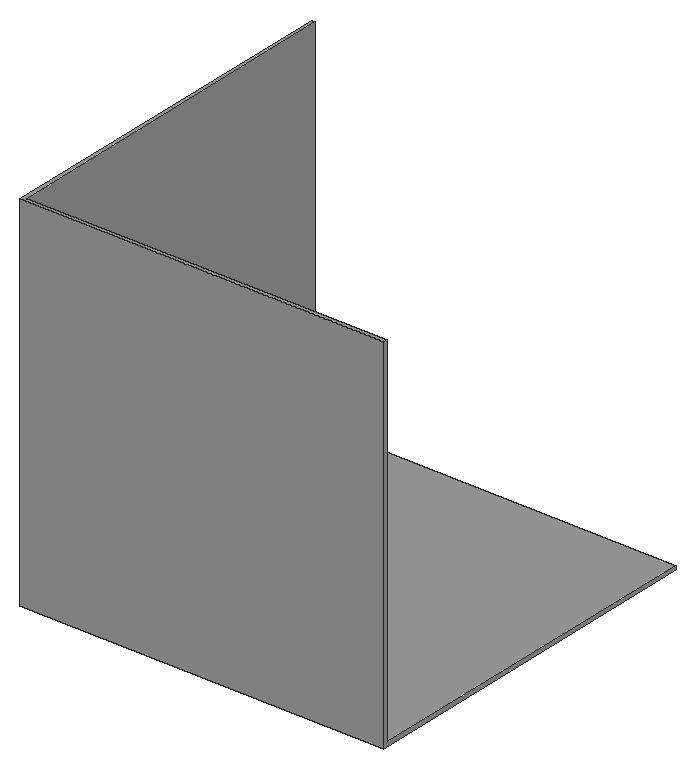
Revit family "Flashing_Preformed_Hyload_Inside90", category Generic Models, Revit 2014
Parameters (values of type "As Specified")
  Unit Width = 0' - 6"
  Unit Height = 0' - 6"
  Unit Depth = 0' - 6"
  URL = "http://www.hyload.com/"
  Thickness = 0' - 0 1/16"
  Specification = "http://www.arcat.com/sdspecs/htm04/07_65_00hyl.htm"
  Sales Information = "http://www.hyload.com/contact-us"
  Revision = "R1_12-2015"
  Product Properties = "http://www.hyload.com/masonry-flashing/preformed-shapes/"
  Product Data = "http://www.arcat.com/arcatcos/cos33/arc33176.html"
  Model = "Inside Corner (90)"
  Manufacturer Website = "http://www.hyload.com/"
  Manufacturer Phone - Toll Free = "800-457-4056"
  Manufacturer Phone = "330-769-3546"
  Manufacturer Fax = "330-769-4153"
  Manufacturer Address = "5020 Panther Pkwy., Seville, OH 44273"
  Manufacturer = "Hyload"
  Keynote = "07 65 00"
  Flashing Material = Hyload Flashing Membrane - Grey
  Drawn By = "Robert S. Weygant / Sumex Design"
  Description = "Preformed Hyload Masonry Flashing - Inside Corner (90)"
  Copyright = "(c) ARCAT, Inc, 2015"
  Construction Details = "http://www.arcat.com/details/hyload/hyload.html?coid=33176"
  Assembly Code = "B3010400"
Reference planes (in)
  plane 1 "Center (Front/Back)": y = 0
  plane 2: z = 0
  plane 3 "Center (Left/Right)": x = 0
  plane 4: y = 6
  plane 5: x = 6
  plane 6: z = 6
Forms (in)
  Extrusion 1, solid, material "Hyload Flashing Membrane - Grey" <- "Flashing Material"
    sketch origin (0, 0, 0) x (1, 0, 0) y (0, 1, 0)
      loop
        line (0, 6) -> (0, 0) -> (6, 0) -> (6, 6) -> (0, 6)
    from 0 to 0.0625 <- "Thickness"
  Extrusion 2, solid, material "Hyload Flashing Membrane - Grey" <- "Flashing Material"
    sketch origin (0, 0, 0) x (1, 0, 0) y (0, 1, 0)
      loop
        line (0, 6) -> (0, 0) -> (6, 0) -> (6, 0.0625) -> (0.0625, 0.0625) -> (0.0625, 6) -> (0, 6)
    from 0 to 6 <- "Unit Height"
Cuts and joins
  joined: Extrusion 1, Extrusion 2
Dimensions and locks (in)
  "Unit Depth": plane 1 "Center (Front/Back)" to plane 4
  "Unit Width": plane 3 "Center (Left/Right)" to plane 5
  "Unit Height": plane 6 to level
  "Thickness": plane 1 "Center (Front/Back)" to Extrusion 2 sketch curve
  "Thickness": plane 3 "Center (Left/Right)" to Extrusion 2 sketch curve
  plane 3 "Center (Left/Right)" to Extrusion 2 = 0' - 6"
  aligned and locked: plane 2 to level
  aligned and locked: Extrusion 1 sketch curve to plane 4
  aligned and locked: plane 3 "Center (Left/Right)" to Extrusion 1 sketch curve
  aligned and locked: Extrusion 1 sketch curve to plane 1 "Center (Front/Back)"
  aligned and locked: Extrusion 1 sketch curve to plane 5
  aligned and locked: plane 4 to Extrusion 2 sketch curve
  aligned and locked: Extrusion 2 sketch curve to plane 3 "Center (Left/Right)"
  aligned and locked: plane 1 "Center (Front/Back)" to Extrusion 2 sketch curve
  aligned and locked: plane 5 to Extrusion 2 sketch curve
  aligned and locked: Extrusion 2 to level
